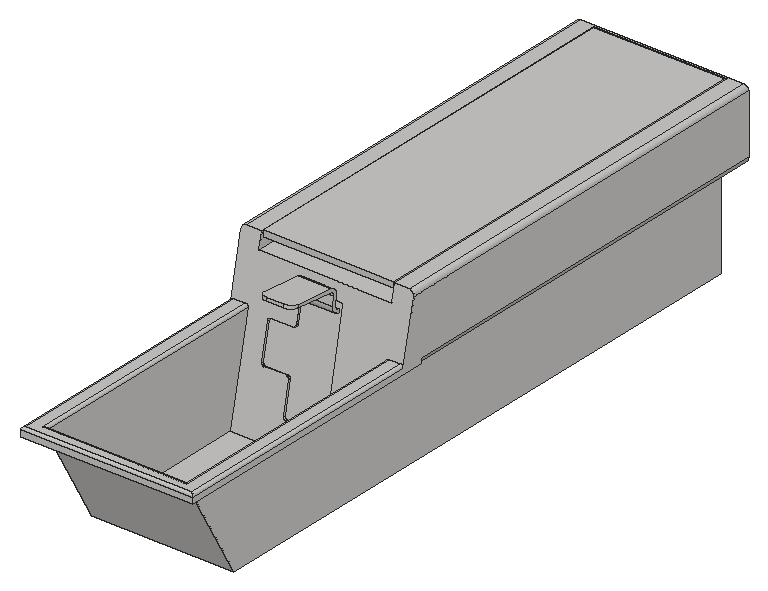
Revit family "PRD_FrankeWS_SpDspnsrs_EXOSSoapDispenser_EXOS618EX_618EB_618EW", category Specialty Equipment, host Face, Revit 2018
Family settings
  Host = Face
  Round Connector Dimension = Use Diameter
  Part Type = Normal
  OmniClass Number = 23.40.20.21.34
  OmniClass Title = Soap Holders, Dispensers
  Cut with Voids When Loaded = No
  Shared = No
  Room Calculation Point = No
Parameters (values of type "EXOS618EX")
  WarrantyStartDate [instance] = "1900-12-31T23:59:59"
  WarrantyGuarantorParts = "n/a"
  WarrantyGuarantorLabor = "n/a"
  WarrantyDurationUnit = "year"
  WarrantyDurationParts = "n/a"
  WarrantyDurationLabor = "n/a"
  WarrantyDescription = "n/a"
  Version = "1"
  Uniclass2015Version = "Products v1.17"
  Uniclass2015Title = "Soap dispenser"
  Uniclass2015Code = "Pr_40_70_22_81"
  URL = "www.kwc.com"
  TypeOfSoapContainer = "Integrated refillable tank"
  TypeOfOperation = "Manual operation"
  TypeOfMounting = "Recessed mounting"
  TypeOfFixing = "Screw"
  TypeOfConsumable = "Foam soap"
  TagNumber [instance] = "n/a"
  SustainabilityPerformance = "n/a"
  SurfaceTreatment = "InoxPlus (anti fingerprint)"
  Style = "Dispenser"
  Size = "124 x 500 x 120 mm"
  Shape = "n/a"
  SerialNumber [instance] = "n/a"
  Revision = "n/a"
  ReplacementCost = "n/a"
  ProductInformation = "https://pim.kwc.com/product/2030034637/attachment/datasheet?locale=en"
  PanelMaterial = PRD_AR_StainlessSteel_SatinFinished
  NominalWidth = 124.00 mm
  NominalHeight = 500.00 mm
  NominalDepth = 120.00 mm
  NetWeight = 2.58 kg
  Name = "Soap dispenser EXOS618EX"
  NBSTypeID = "n/a"
  NBSReference = "45-35-72/358"
  NBSOfficeMasterTag = "n/a"
  NBSNote = "n/a"
  NBSDescription = "Soap dispensers"
  NBSCertification = "n/a"
  ModelReference = "EXOS618EX"
  ModelNumber = "2030034637"
  Model = ModelReference  # "EXOS618EX"
  MaterialThickness = "1.20 mm"
  MaterialCode = "1.4301"
  Material = "Stainless steel"
  ManufacturerURL = "www.kwc.com"
  ManufacturerName = "KWC Group AG"  # constant formula
  Manufacturer = ManufacturerName  # "KWC Group AG"
  MainColor = "Stainless steel"
  Lock = "Key-lock"
  IsBuiltIn = "TRUE"
  IntegralAccessories = "incl. mounting materials"
  InstallationDate [instance] = "1900-12-31T23:59:59"
  IfcExportType = "USERDEFINED"
  IfcExportAs = "IfcFurnitureType"
  GrossWeight = 3.58 kg
  Grade = "n/a"
  Finish = "Satin finished"
  FillingQuantityUom = "Liter"
  FillingQuantity = "0.8"
  Features = "stainless steel, satin finished"
  ExpectedLife = "n/a"
  DurationUnit = "year"
  DispenserMaterial = PRD_AR_StainlessSteel_SatinFinished
  Description = "Soap dispenser for recessed mounting, stainless steel with satin finish, front and casing with InoxPlus surface refinement for the reduction of finger marks and better cleaning characteristics (easy to clean), material thickness 1.2 mm, suitable for liquid soap and lotions, 800 ml refill tank, with stainless steel push lever, easy to refill with soap tank on front panel, includes mounting materials."
  Default Elevation = 1200.00 mm
  CreatedOn = "05/2020"  # constant formula
  Constituents = "n/a"
  Color = "n/a"
  CodePerformance = "n/a"
  Category = "Pr_40_70_22_81, Soap dispensers"
  BarCode [instance] = "n/a"
  BIMObjectName = "PRD_AR_SoapDispensers_EXOSSoapDispenser_EXOS618EX"
  Author = "Archispace"  # constant formula
  AssetType = "Fixed"
  AssetIdentifier [instance] = "n/a"
  AccessibilityPerformance = "n/a"
Types (3, lengths in mm): name | ProductInformation | PanelMaterial | NetWeight | Name | ModelReference | ModelNumber | Model | GrossWeight | Description | BIMObjectName
  EXOS618EX | "https://pim.kwc.com/product/2030034637/attachment/datasheet?locale=en" | PRD_AR_StainlessSteel_SatinFinished | 2.58 kg | "Soap dispenser EXOS618EX" | "EXOS618EX" | "2030034637" | "EXOS618EX" | 3.58 kg | "Soap dispenser for recessed mounting, stainless steel with satin finish, front and casing with InoxPlus surface refinement for the reduction of finger marks and better cleaning characteristics (easy to clean), material thickness 1.2 mm, suitable for liquid soap and lotions, 800 ml refill tank, with stainless steel push lever, easy to refill with soap tank on front panel, includes mounting materials." | "PRD_AR_SoapDispensers_EXOSSoapDispenser_EXOS618EX"
  EXOS618EB | "https://pim.kwc.com/product/2030034638/attachment/datasheet?locale=en" | PRD_AR_Glass_Black | 2.80 kg | "Soap dispenser EXOS618EB" | "EXOS618EB" | "2030034638" | "EXOS618EB" | 3.80 kg | "Soap dispenser for recessed mounting, stainless steel with satin finish, black safety glass front panel, casing with InoxPlus surface refinement for the reduction of finger marks and better cleaning characteristics (easy to clean), material thickness 1.2 mm, suitable for liquid soap and lotions, 800 ml refill tank, with stainless steel push lever, easy to refill with soap tank on front panel, includes mounting materials." | "PRD_AR_SoapDispensers_EXOSSoapDispenser_EXOS618EB"
  EXOS618EW | "https://pim.kwc.com/product/2030034667/attachment/datasheet?locale=en" | PRD_AR_Glass_White | 2.80 kg | "Soap dispenser EXOS618EW" | "EXOS618EW" | "2030034667" | "EXOS618EW" | 3.80 kg | "Soap dispenser for recessed mounting, stainless steel with satin finish, white safety glass front panel, casing with InoxPlus surface refinement for the reduction of finger marks and better cleaning characteristics (easy to clean), material thickness 1.2 mm, suitable for liquid soap and lotions, 800 ml refill tank, with stainless steel push lever, easy to refill with soap tank on front panel, includes mounting materials." | "PRD_AR_SoapDispensers_EXOSSoapDispenser_EXOS618EW"
Reference planes
  plane 1 "Center (Front/Back)": y = 0
  plane 2: z = 0
  plane 3 "Center (Left/Right)": x = 0
Forms (mm)
  Extrusion 1, void
    sketch origin (0, 0, 0) x (0, 1, 0) y (0, 0, 1)
      loop
        line (239, 0) -> (-239, 0) -> (-199, -70) -> (239, -70) -> (239, 0)
    from -51 to 51
Dimensions and locks
  aligned and locked: plane 2 to host face
  aligned and locked: level to host face
Nested families
  nested 1: "EXOS618E" at (0, 0, -70), type "EXOS618E"
Definition of nested family "EXOS618E"
  Parameters (values of type "EXOS618E")
    Material = none
    FrontMaterial = none
  Reference planes
    plane 1 "Center (Front/Back)": y = 0
    plane 2: z = 0
    plane 3 "Center (Left/Right)": x = 0
    plane 4: x = -62
    plane 5: x = 62
    plane 6: x = -48
    plane 7: x = -47
    plane 8: x = 48
    plane 9: x = 47
    plane 10: through (0, -76.15, 1.2) normal (0, 0.9775, -0.211)
  Forms (mm)
    Extrusion 1, solid, material <- "Material", detail levels fine
      sketch origin (0, 0, -10.333) x (1, 0, 0) y (0, 0, 1)
        loop
          line (-62, 80.333) -> (62, 80.333) -> (62, 126.833)
          arc (62, 126.833) -> (60.975, 129.308) -> (58.5, 130.333) r 3.5
          line (58.5, 130.333) -> (-58.5, 130.333)
          arc (-58.5, 130.333) -> (-60.975, 129.308) -> (-62, 126.833) r 3.5
          line (-62, 126.833) -> (-62, 80.333)
      from -250 to 88.079
    Extrusion 2, void
      sketch origin (0, 0, 0) x (0, 1, 0) y (0, 0, 1)
        loop
          line (-50.5, 120) -> (-88.079, 120) -> (-88.079, 70) -> (-61.295, 70) -> (-50.5, 120)
      from -152 to 152
    Extrusion 3, void
      sketch origin (0, 0, 0) x (1, 0, 0) y (0, 0, 1)
        loop
          line (48, 120) -> (-48, 120) -> (-48, 108.5) -> (48, 108.5) -> (48, 120)
      from -248.5 to 187.554
    Revolve 4, solid, material <- "Material", detail levels fine
      sketch origin (0, 37.5, 95) x (1, 0, 0) y (0, 1, 0)
        loop
          line (0, 212.5) -> (10, 212.5) -> (10, 215.266)
          arc (10, 215.266) -> (9.414, 216.68) -> (8, 217.266) r 2
          line (8, 217.266) -> (6.324, 217.266)
          arc (6.324, 217.266) -> (5.966, 217.585) -> (5.5, 217.7) r 1
          line (5.5, 217.7) -> (0, 217.7) -> (0, 212.5)
        axis (0, 217.7) -> (0, 212.5)
      angle from 0 to 360
    Revolve 5, solid, material <- "Material", detail levels medium
      sketch origin (0, 37.5, 95) x (1, 0, 0) y (0, 1, 0)
        loop
          line (0, 212.5) -> (10, 212.5) -> (10, 217.7) -> (0, 217.7) -> (0, 212.5)
        axis (0, 217.7) -> (0, 212.5)
      angle from 0 to 360
    Extrusion 6, solid, material <- "Material", detail levels fine
      sketch origin (0, 0, 0) x (1, 0, 0) y (0, 1, 0)
        loop
          line (62, -60) -> (50, -60) -> (50, -243.688) -> (-50, -243.688) -> (-50, -60) -> (-62, -60) -> (-62, -250) -> (62, -250) -> (62, -60)
      from 70 to 76
    Extrusion 7, solid, material <- "Material", detail levels fine
      sketch origin (0, 0, 0) x (0, 1, 0) y (0, 0, 1)
        loop
          line (239, 0) -> (239, 70) -> (-239, 70) -> (-199, 0) -> (239, 0)
      from -51 to 51
    Extrusion 8, void
      sketch origin (0, 0, 0) x (1, 0, 0) y (0, 0, 1)
        loop
          line (62, 70) -> (62, 73.5)
          arc (62, 73.5) -> (60.975, 71.025) -> (58.5, 70) r 3.5
          line (58.5, 70) -> (62, 70)
        loop
          line (-62, 70) -> (-58.5, 70)
          arc (-58.5, 70) -> (-60.975, 71.025) -> (-62, 73.5) r 3.5
          line (-62, 73.5) -> (-62, 70)
      from -250 to 45
    Extrusion 9, solid, material <- "FrontMaterial", detail levels medium+fine
      sketch origin (0, 0, 0) x (1, 0, 0) y (0, 1, 0)
        loop
          line (-47, 247.5) -> (-47, -50) -> (47, -50) -> (47, 247.5) -> (-47, 247.5)
      from 116.3 to 120.3
    Extrusion 10, void
      sketch origin (0, 0, 0) x (0, 1, 0) y (0, 0, 1)
        loop
          line (-198.304, 1.2) -> (-76.15, 1.2) -> (-61.295, 70) -> (-237.618, 70) -> (-198.304, 1.2)
      from -50 to 50
    Sweep 11, void
      path in 3D
        loop
          line (-50, -243.688, 76) -> (-50, -60, 76)
      profile origin (-50, -151.844, 76) x (-1, 0, 0) y (0, 0, 1)
        loop
          line (0, 0) -> (0, -2)
          arc (0, -2) -> (0.586, -0.586) -> (2, 0) r 2
          line (2, 0) -> (0, 0)
    Sweep 12, void
      path in 3D
        loop
          line (50, -243.688, 76) -> (50, -60, 76)
      profile origin (50, -151.844, 76) x (-1, 0, 0) y (0, 0, 1)
        loop
          line (0, 0) -> (-2, 0)
          arc (-2, 0) -> (-0.586, -0.586) -> (0, -2) r 2
          line (0, -2) -> (0, 0)
    Sweep 13, void
      path in 3D
        loop
          line (-62, -60, 76) -> (-62, -250, 76) -> (62, -250, 76) -> (62, -60, 76)
      profile origin (-62, -155, 76) x (1, 0, 0) y (0, 0, 1)
        loop
          line (0, 0) -> (0, -2)
          arc (0, -2) -> (0.586, -0.586) -> (2, 0) r 2
          line (2, 0) -> (0, 0)
    Extrusion 14, solid, material <- "Material", detail levels fine
      sketch origin (0, 0, 0) x (0, 1, 0) y (0, 0, 1)
        loop
          line (-243.688, 70) -> (-237.618, 70) -> (-240.471, 74.992)
          arc (-240.471, 74.992) -> (-241.203, 75.73) -> (-242.207, 76) r 2
          line (-242.207, 76) -> (-243.688, 76) -> (-243.688, 70)
      from -56.244 to 56.087
    Extrusion 15, void
      sketch origin (0, -76.15, 1.2) x (0, -0.211046, -0.977476) y (-1, 0, 0)
        loop
          line (-18.5, -13) -> (-18.5, 13)
          arc (-18.5, 13) -> (-19.086, 14.414) -> (-20.5, 15) r 2
          line (-20.5, 15) -> (-42.5, 15)
          arc (-42.5, 15) -> (-43.914, 15.586) -> (-44.5, 17) r 2
          line (-44.5, 17) -> (-44.5, 33)
          arc (-44.5, 33) -> (-45.086, 34.414) -> (-46.5, 35) r 2
          line (-46.5, 35) -> (-71.7, 35)
          arc (-71.7, 35) -> (-73.114, 34.414) -> (-73.7, 33) r 2
          line (-73.7, 33) -> (-73.7, 17)
          arc (-73.7, 17) -> (-74.286, 15.586) -> (-75.7, 15) r 2
          line (-75.7, 15) -> (-96.7, 15)
          arc (-96.7, 15) -> (-98.114, 14.414) -> (-98.7, 13) r 2
          line (-98.7, 13) -> (-98.7, -13)
          arc (-98.7, -13) -> (-98.114, -14.414) -> (-96.7, -15) r 2
          line (-96.7, -15) -> (-20.5, -15)
          arc (-20.5, -15) -> (-19.086, -14.414) -> (-18.5, -13) r 2
      from 0 to 1.2
    Extrusion 16, solid, material <- "Material", detail levels medium
      sketch origin (0, 0, 0) x (0, 1, 0) y (0, 0, 1)
        loop
          line (239, 0) -> (239, 70) -> (-239, 70) -> (-199, 0) -> (239, 0)
      from -51 to 51
    Extrusion 17, solid, material <- "Material", detail levels medium
      sketch origin (0, 0, 0) x (1, 0, 0) y (0, 1, 0)
        loop
          line (62, -60) -> (50, -60) -> (50, -243.688) -> (-50, -243.688) -> (-50, -60) -> (-62, -60) -> (-62, -250) -> (62, -250) -> (62, -60)
      from 70 to 76
    Extrusion 18, solid, material <- "Material", detail levels medium
      sketch origin (0, 0, 0) x (0, 1, 0) y (0, 0, 1)
        loop
          line (-243.688, 70) -> (-237.618, 70) -> (-241.046, 76) -> (-243.688, 76) -> (-243.688, 70)
      from -56.244 to 56.087
    Extrusion 19, solid, material <- "Material", detail levels medium
      sketch origin (0, 0, -10.333) x (1, 0, 0) y (0, 0, 1)
        loop
          line (-62, 80.333) -> (62, 80.333) -> (62, 130.333) -> (-62, 130.333) -> (-62, 80.333)
      from -250 to 88.079
    Extrusion 20, void
      sketch origin (0, 0, 0) x (0, 1, 0) y (0, 0, 1)
        loop
          line (-50.5, 120) -> (-88.079, 120) -> (-88.079, 70) -> (-61.295, 70) -> (-50.5, 120)
      from -62 to 62
    Extrusion 21, solid, material <- "Material", detail levels coarse
      sketch origin (0, 0, 0) x (0, 1, 0) y (0, 0, 1)
        loop
          line (239, 0) -> (239, 70) -> (-239, 70) -> (-199, 0) -> (239, 0)
      from -51 to 51
    Extrusion 22, solid, material <- "Material", detail levels coarse
      sketch origin (0, 0, 0) x (1, 0, 0) y (0, 1, 0)
        loop
          line (62, -60) -> (-62, -60) -> (-62, -250) -> (62, -250) -> (62, -60)
      from 70 to 76
    Extrusion 23, solid, material <- "Material", detail levels coarse
      sketch origin (0, 0, -10.333) x (1, 0, 0) y (0, 0, 1)
        loop
          line (-62, 80.333) -> (62, 80.333) -> (62, 130.333) -> (-62, 130.333) -> (-62, 80.333)
      from -250 to 88.079
    Extrusion 24, solid, material <- "Material", detail levels fine
      sketch origin (0, 0, 0) x (0, 1, 0) y (0, 0, 1)
        loop
          arc (-61.116, 96.336) -> (-59.824, 92.335) -> (-55.995, 90.598) r 5.2
          line (-55.995, 90.598) -> (-55.559, 92.621)
          arc (-55.559, 92.621) -> (-58.188, 93.515) -> (-59.127, 96.129) r 3.2
          line (-59.127, 96.129) -> (-58.41, 103.012)
          arc (-58.41, 103.012) -> (-59.544, 106.827) -> (-63.043, 108.723) r 5.2
          line (-63.043, 108.723) -> (-98.153, 112.38) -> (-98.36, 110.391) -> (-63.25, 106.734)
          arc (-63.25, 106.734) -> (-61.097, 105.567) -> (-60.399, 103.219) r 3.2
          line (-60.399, 103.219) -> (-61.116, 96.336)
      from -12 to 12
    Extrusion 25, void
      sketch origin (0, -98.153, 112.38) x (0, 0.994618, -0.103615) y (-1, 0, 0)
        loop
          line (0, 12) -> (0, 6)
          arc (0, 6) -> (1.757, 10.243) -> (6, 12) r 6
          line (6, 12) -> (0, 12)
        loop
          line (0, -12) -> (6, -12)
          arc (6, -12) -> (1.757, -10.243) -> (0, -6) r 6
          line (0, -6) -> (0, -12)
      from -2 to 0
    Extrusion 26, solid, material <- "Material", detail levels medium
      sketch origin (0, 0, 0) x (0, 1, 0) y (0, 0, 1)
        loop
          arc (-61.116, 96.336) -> (-60.091, 92.66) -> (-56.832, 90.674) r 5.2
          line (-56.832, 90.674) -> (-56.409, 92.631)
          arc (-56.409, 92.631) -> (-58.471, 93.834) -> (-59.127, 96.129) r 3.2
          line (-59.127, 96.129) -> (-58.41, 103.012)
          arc (-58.41, 103.012) -> (-59.544, 106.827) -> (-63.043, 108.723) r 5.2
          line (-63.043, 108.723) -> (-98.153, 112.38) -> (-98.36, 110.391) -> (-63.25, 106.734)
          arc (-63.25, 106.734) -> (-61.097, 105.567) -> (-60.399, 103.219) r 3.2
          line (-60.399, 103.219) -> (-61.116, 96.336)
      from -12 to 12
    Extrusion 27, solid, material <- "Material", detail levels coarse
      sketch origin (0, 0, 0) x (0, 1, 0) y (0, 0, 1)
        loop
          line (-61.654, 91.176) -> (-56.832, 90.674) -> (-56.409, 92.631) -> (-59.445, 93.077) -> (-57.871, 108.184) -> (-98.153, 112.38) -> (-98.36, 110.391) -> (-60.067, 106.402) -> (-61.654, 91.176)
      from -12 to 12
  Cuts and joins
    Extrusion 2, Extrusion 3, Extrusion 8, Extrusion 15 cuts Extrusion 1
    Sweep 11, Sweep 12, Sweep 13 cuts Extrusion 6
    Extrusion 2, Extrusion 10, Extrusion 15 cuts Extrusion 7
    joined: Extrusion 1, Extrusion 6, Extrusion 7, Extrusion 14
    joined: Extrusion 17, Extrusion 18
    Extrusion 10 cuts Extrusion 16
    Extrusion 3, Extrusion 20 cuts Extrusion 19
    joined: Extrusion 16, Extrusion 19
    Extrusion 20 cuts Extrusion 23
    joined: Extrusion 22, Extrusion 23
    Extrusion 25 cuts Extrusion 24
  Lines and regions (mm)
    sketch lines
      curve 1: line (-50, -243.688, 76) -> (-50, -60, 76)
      curve 2: line (50, -243.688, 76) -> (50, -60, 76)
      curve 3: line (-62, -60, 76) -> (-62, -250, 76)
      curve 4: line (-62, -250, 76) -> (62, -250, 76)
      curve 5: line (62, -250, 76) -> (62, -60, 76)
  Dimensions and locks
    aligned and locked: level to plane 2
